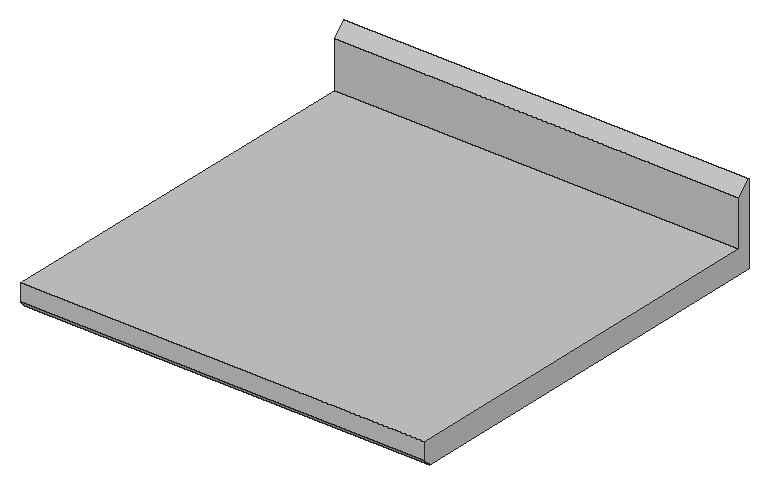
Revit family "QF_ELECTROLUXPROFESSIONAL_121133_TPLA7A", category Attrezzature speciali, Revit 2020
Family settings
  Quota connettore circolare = Usa diametro
  Tipo di parte = Normale
  Basato su piano di lavoro = No
  Sempre verticale = Sì
  Taglio con vuoti quando caricato = No
  Condiviso = No
  Punto di calcolo locali = No
Parameters (values of type "Standard")
  Weight = 25.00 kg
  Watts = 0 W
  Volts = 0 V
  URL Manufacturer = "https://www.electroluxprofessional.com/"
  URL = "https://www.electroluxprofessional.com/"
  Steam Supply Size = 0 mm
  Steam Supply Minimum Pressure = 0.0 Pa
  Steam Supply Maximum Pressure = 0.0 Pa
  Steam Consumption per Hour = 0
  Refrigeration Suction Line Size = 0.0 mm
  Refrigeration Liquid Line Size = 0.0 mm
  Refrigerant Compressor Remote = yes
  Prospetto di default = 0.0 mm
  Phase = 0
  Modello = "TPLA7A"
  Produttore = "Electrolux Professional"
  Length Actual = 700.0 mm  # constant formula
  Item Number = "121133"
  Hot Water Size = 0 mm
  Height Actual = 140.0 mm  # constant formula
  HP = "0 HP"
  Gas Size = 0 mm
  Gas KW = 0
  Gas Input Pressure = 0 W
  Direct Waste Size = 0 mm
  Descrizione = "WORK TOP WITH UPSTAND 700MM"
  Depth Actual = 700.0 mm  # constant formula
  Cycle = 0 Hz
  Condensate Return Size = 0 mm
  Compressed Air Volume = 0.0 L/s
  Compressed Air Size = 0 mm
  Compressed Air Pressure = 0.0 Pa
  Cold Water Size = 0 mm
  Accessory = yes
Reference planes
  plane 1 "Center (Front/Back)": y = 0
  plane 2: z = 0
  plane 3 "Center (Left/Right)": x = 150
  plane 4 "LEFT": x = -200
  plane 5 "RIGHT": x = 500
  plane 6 "BACK": y = 350
  plane 7 "FRONT": y = -350
  plane 8 "TOP": z = 1000
  plane 9: z = 900
  plane 10: z = 860
Forms (mm)
  Extrusion 1, solid, material "QF_Finishes_Stainless Steel"
    sketch origin (150, 0, 0) x (0, 1, 0) y (0, 0, 1)
      loop
        line (350, 1000) -> (330, 980) -> (330, 900) -> (-350, 900) -> (-350, 870) -> (-340, 860) -> (350, 860) -> (350, 1000)
    from 350 to -350
Lines and regions (mm)
  symbolic lines
    curve 1: line (500, 350, 1000) -> (-200, 350, 1000)
    curve 2: line (-200, 350, 1000) -> (-200, -350, 1000)
    curve 3: line (-200, -350, 1000) -> (500, -350, 1000)
    curve 4: line (500, -350, 1000) -> (500, 350, 1000)
    curve 5: line (-200, 330, 1000) -> (500, 330, 1000)
Dimensions and locks
  plane 4 "LEFT" to plane 5 "RIGHT" = 700.0 mm
  equal spacing: plane 4 "LEFT", plane 3 "Center (Left/Right)", plane 5 "RIGHT"
  plane 6 "BACK" to plane 7 "FRONT" = 700.0 mm
  equal spacing: plane 6 "BACK", plane 1 "Center (Front/Back)", plane 7 "FRONT"
  locked: plane 8 "TOP" to plane 9 at 100
  locked: plane 6 "BACK" to Extrusion 1 sketch curve at 20
  plane 10 to level = 860.0 mm
  plane 8 "TOP" to plane 10 = 140.0 mm
  aligned and locked: level to plane 2
  aligned and locked: Extrusion 1 to plane 4 "LEFT"
  aligned and locked: plane 5 "RIGHT" to Extrusion 1
  aligned and locked: curve 2 to plane 4 "LEFT"
  aligned and locked: Extrusion 1 sketch curve to plane 9
  aligned and locked: Extrusion 1 sketch curve to plane 6 "BACK"
  aligned and locked: plane 7 "FRONT" to Extrusion 1 sketch curve
  aligned and locked: plane 10 to Extrusion 1 sketch curve
Automatic sketch dimensions
  curve 3 to plane 7 "FRONT" = 0.0 mm
  curve 4 to plane 5 "RIGHT" = 0.0 mm
  curve 4 to plane 6 "BACK" = 0.0 mm
  curve 5 to plane 6 "BACK" = 20.0 mm
  Extrusion 1 sketch curve to plane 8 "TOP" = 0.0 mm
  Extrusion 1 sketch curve to plane 8 "TOP" = 20.0 mm
  plane 7 "FRONT" to Extrusion 1 sketch curve = 10.0 mm
  level to Extrusion 1 sketch curve = 870.0 mm
